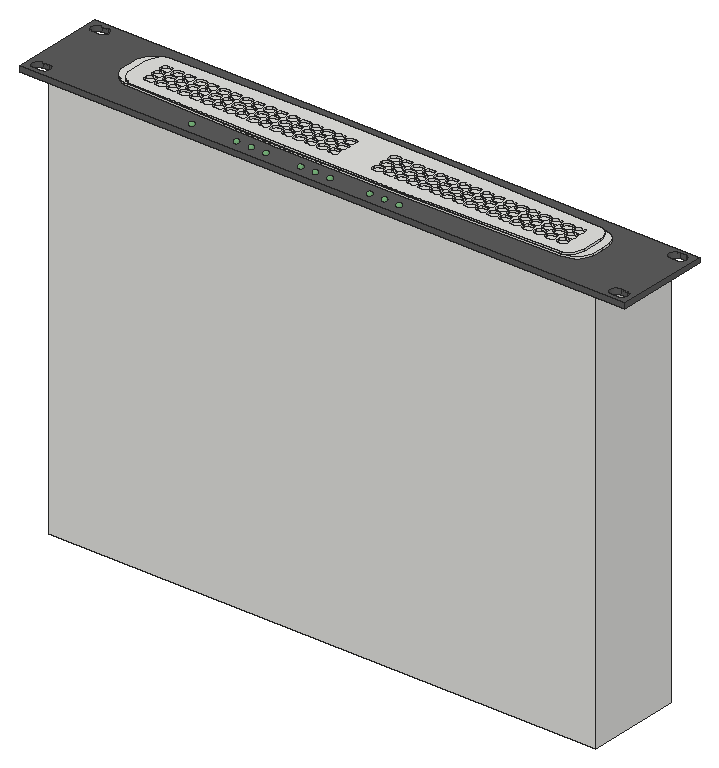
Revit family "Electronics_Amplifiers_Biamp_Vocia_VA-2060___2", category Communication Devices, host Face, Revit 2020
Family settings
  Host = Face
  Maintain Annotation Orientation = No
  Round Connector Dimension = Use Diameter
  Part Type = Normal
  OmniClass Number = 23.85.10.11.14.14.17
  OmniClass Title = Sound Amplifiers
  Cut with Voids When Loaded = Yes
  Shared = No
  Room Calculation Point = No
Parameters (values of type "VA-2060")
  Width = 19.00"  # constant formula
  Weight = 24.70 lbf  # constant formula
  Voltage = 120 V
  URL = "https://www.biamp.com/"
  Total Output Power = "2 x 60W RMS, 120W maximum"  # constant formula
  Temperature Range = "23 - 104° F (-5 - 40° C)"  # constant formula
  THD+N = "50Hz-100Hz: < 0.5%; 100Hz-10kHz: < 0.3%"  # constant formula
  Signal to Noise Ratio = "> 88 dB, unweighted"  # constant formula
  Product data url = "https://www.bimobject.com/biamp/product/vocia-va-2060_amplifier"
  Product Page URL = "https://www.biamp.com/products/product-families/vocia/vocia-amplifiers#vocia-va-2060"
  Product Documentation Link = "https://downloads.biamp.com/assets/docs/default-source/data-sheets/biamp_data_sheet_vocia_va-2060_oct18.pdf"
  Power Factor = 1
  Number of Poles = 1
  Network Connection = "RJ-45 with shielded Ethernet (CAT5, CAT5e, CAT6 or CAT7"  # constant formula
  Model = "Vocia VA-2060"  # constant formula
  Memory = "5.625 MB"  # constant formula
  Max Power Consumption = 60 W
  Manufacturer = "Biamp"  # constant formula
  Inputs = "20 bits, 48 kHz, 5-1/3 ms (fixed)"  # constant formula
  Humidity = "0-95% relative humidity (non-condensing)"  # constant formula
  Housing Material = Biamp - Metal - Silver
  Height = 3.25"  # constant formula
  Frequency Response = "± 2dB"  # constant formula
  Description = "Vocia® VA-2060 Amplifier"  # constant formula
  Depth = 14.19922"  # constant formula
  Default Elevation = 48.00"
  Connector Description = "100-240VAC; 50/60Hz"  # constant formula
  Compliance = "EN 54-16 certified FCC Part 15B (USA) CE marked (Europe) RCM (Australia) EAC (Eurasian Customs Union) RoHS. Directive (Europe) RINA (Italy) EN 60849, AS 60849 verified"  # constant formula
  Case = yes
  Assembly Code = ""
  Apparent Load = Max Power Consumption / Power Factor  # 60 VA
  Altitude = "0-10,000 ft (0-3000m) MSL"  # constant formula
Reference planes (in)
  plane 1 "Center (Front/Back)": y = 0
  plane 2: z = 0
  plane 3 "Center (Left/Right)": x = 0
  plane 4: y = 1.625
  plane 5: y = -1.625
  plane 6: x = 20.06192
  plane 7: y = 1.28165
  plane 8: y = -1.28041
Dimensions and locks (in)
  equal spacing: plane 5, plane 1 "Center (Front/Back)", plane 4
  "Height": plane 5 to plane 4
  aligned and locked: plane 2 to host face
  aligned and locked: level to host face
Automatic sketch dimensions
  host sketch curve to host sketch curve = 96.00"  (x2)
Nested families (in)
  nested 1: "VA-2060" at (10.03141, -1.625, -6.93265) x (1, 0, 0) z (0, 1, 0), type "VA-2060"
Connectors (in)
  electrical at (17.57593, 0.29866, -13.7612), driven by "Number of Poles", driven by "Voltage", driven by "Apparent Load", driven by "Power Factor", driven by "Connector Description"
    settings: on nested 1, index 1, voltage 120 V, apparent load 0 VA, apparent load phase1 60 VA, apparent load phase2 0 VA, apparent load phase3 0 VA, power factor 1, load classification "Other", number of poles 1, system type 31, power factor state 1, is connector primary yes, connector utility no, sub classification motor no, connector description "100-240VAC; 50/60Hz"
  electrical at (13.83873, -0.98373, -13.7612)
    settings: on nested 1, index 2, voltage 0 V, apparent load 0 VA, apparent load phase1 0 VA, apparent load phase2 0 VA, apparent load phase3 0 VA, power factor 1, load classification "Other", number of poles 1, system type 5, power factor state 1, is connector primary no, connector utility no, sub classification motor no, connector description "CobraNet; RJ-45"
  electrical at (13.05748, -0.98373, -13.7612)
    settings: on nested 1, index 3, voltage 0 V, apparent load 0 VA, apparent load phase1 0 VA, apparent load phase2 0 VA, apparent load phase3 0 VA, power factor 1, load classification "Other", number of poles 1, system type 5, power factor state 1, is connector primary no, connector utility no, sub classification motor no, connector description "RJ-45; Secondary"
  electrical at (9.79695, -1.08764, -13.7612)
    settings: on nested 1, index 4, voltage 0 V, apparent load 0 VA, apparent load phase1 0 VA, apparent load phase2 0 VA, apparent load phase3 0 VA, power factor 1, load classification "Other", number of poles 1, system type 5, power factor state 1, is connector primary no, connector utility no, sub classification motor no, connector description "Page Active Relay 2b"
  electrical at (9.31542, -1.08764, -13.7612)
    settings: on nested 1, index 5, voltage 0 V, apparent load 0 VA, apparent load phase1 0 VA, apparent load phase2 0 VA, apparent load phase3 0 VA, power factor 1, load classification "Other", number of poles 1, system type 5, power factor state 1, is connector primary no, connector utility no, sub classification motor no, connector description "Page Active Relay 2a"
  electrical at (8.83526, -1.08764, -13.7612)
    settings: on nested 1, index 6, voltage 0 V, apparent load 0 VA, apparent load phase1 0 VA, apparent load phase2 0 VA, apparent load phase3 0 VA, power factor 1, load classification "Other", number of poles 1, system type 5, power factor state 1, is connector primary no, connector utility no, sub classification motor no, connector description "Page Active Relay 1b"
  electrical at (8.3526, -1.08764, -13.7612)
    settings: on nested 1, index 7, voltage 0 V, apparent load 0 VA, apparent load phase1 0 VA, apparent load phase2 0 VA, apparent load phase3 0 VA, power factor 1, load classification "Other", number of poles 1, system type 5, power factor state 1, is connector primary no, connector utility no, sub classification motor no, connector description "Page Active Relay 1a"
  electrical at (7.41609, -0.99844, -13.7612)
    settings: on nested 1, index 8, voltage 0 V, apparent load 0 VA, apparent load phase1 0 VA, apparent load phase2 0 VA, apparent load phase3 0 VA, power factor 1, load classification "Other", number of poles 1, system type 5, power factor state 1, is connector primary no, connector utility no, sub classification motor no, connector description "Failover"
  electrical at (2.62594, -0.80499, -13.7612)
    settings: on nested 1, index 9, voltage 0 V, apparent load 0 VA, apparent load phase1 0 VA, apparent load phase2 0 VA, apparent load phase3 0 VA, power factor 1, load classification "Other", number of poles 1, system type 5, power factor state 1, is connector primary no, connector utility no, sub classification motor no, connector description "Output 2"
  electrical at (1.32818, -0.80499, -13.7612)
    settings: on nested 1, index 10, voltage 0 V, apparent load 0 VA, apparent load phase1 0 VA, apparent load phase2 0 VA, apparent load phase3 0 VA, power factor 1, load classification "Other", number of poles 1, system type 5, power factor state 1, is connector primary no, connector utility no, sub classification motor no, connector description "Output 1"
Definition of nested family "VA-2060"
  Parameters (values of type "VA-2060")
    URL = ""
    Model = ""
    Material 2 = none
    Manufacturer = ""
    Housing Material = none
    Description = ""
    Default Elevation = 48.00"
    Case = yes
    Back Panel = no
    Assembly Code = ""
  Reference planes (in)
    plane 1 "Center (Front/Back)": y = 0
    plane 2: z = 0
    plane 3 "Center (Left/Right)": x = 0
  Forms (in)
    Extrusion 1, solid
      sketch origin (0, 0, 0) x (1, 0, 0) y (0, 1, 0)
        loop
          line (-48, 48) -> (-48, -48) -> (48, -48) -> (48, 48) -> (-48, 48)
      from 0 to -12
    Extrusion 2, solid, material <- "Housing Material", visible <- "Case"
      sketch origin (0, 0, 0) x (1, 0, 0) y (0, 1, 0)
        loop
          line (-9.5, 7.09961) -> (-9.5, -6.93265) -> (9.5, -6.93265) -> (9.5, 7.09961) -> (-9.5, 7.09961)
      from 0 to 3.25
    Extrusion 3, solid
      sketch origin (0, 0, 0) x (1, 0, 0) y (0, 1, 0)
        loop
          line (-10.5, -7.09961) -> (10.5, -7.09961) -> (10.5, -6.93265) -> (-10.5, -6.93265) -> (-10.5, -7.09961)
      from 0 to 3.25
    Extrusion 4, solid, material <- "Housing Material", detail levels medium+fine
      sketch origin (0, 0, 0) x (1, 0, 0) y (0, 0, 1)
        loop
          arc (-0.58953, 2.21061) -> (-0.62863, 2.305) -> (-0.72301, 2.34409) r 0.13348
          line (-0.72301, 2.34409) -> (-0.81412, 2.34409)
          arc (-0.81412, 2.34409) -> (-0.90851, 2.305) -> (-0.9476, 2.21061) r 0.13348
          line (-0.9476, 2.21061) -> (-0.9476, 2.16963)
          arc (-0.9476, 2.16963) -> (-0.90669, 2.07086) -> (-0.80792, 2.02994) r 0.13968
          line (-0.80792, 2.02994) -> (-0.72922, 2.02994)
          arc (-0.72922, 2.02994) -> (-0.63044, 2.07086) -> (-0.58953, 2.16963) r 0.13968
          line (-0.58953, 2.16963) -> (-0.58953, 2.21061)
        loop
          arc (-0.98953, 2.21061) -> (-1.02863, 2.305) -> (-1.12301, 2.34409) r 0.13348
          line (-1.12301, 2.34409) -> (-1.21412, 2.34409)
          arc (-1.21412, 2.34409) -> (-1.30851, 2.305) -> (-1.3476, 2.21061) r 0.13348
          line (-1.3476, 2.21061) -> (-1.3476, 2.16963)
          arc (-1.3476, 2.16963) -> (-1.30669, 2.07086) -> (-1.20792, 2.02994) r 0.13968
          line (-1.20792, 2.02994) -> (-1.12922, 2.02994)
          arc (-1.12922, 2.02994) -> (-1.03044, 2.07086) -> (-0.98953, 2.16963) r 0.13968
          line (-0.98953, 2.16963) -> (-0.98953, 2.21061)
        loop
          arc (-1.38953, 2.21061) -> (-1.42863, 2.305) -> (-1.52301, 2.34409) r 0.13348
          line (-1.52301, 2.34409) -> (-1.61412, 2.34409)
          arc (-1.61412, 2.34409) -> (-1.70851, 2.305) -> (-1.7476, 2.21061) r 0.13348
          line (-1.7476, 2.21061) -> (-1.7476, 2.16963)
          arc (-1.7476, 2.16963) -> (-1.70669, 2.07086) -> (-1.60792, 2.02994) r 0.13968
          line (-1.60792, 2.02994) -> (-1.52922, 2.02994)
          arc (-1.52922, 2.02994) -> (-1.43044, 2.07086) -> (-1.38953, 2.16963) r 0.13968
          line (-1.38953, 2.16963) -> (-1.38953, 2.21061)
        loop
          arc (-1.78953, 2.21061) -> (-1.82863, 2.305) -> (-1.92301, 2.34409) r 0.13348
          line (-1.92301, 2.34409) -> (-2.01412, 2.34409)
          arc (-2.01412, 2.34409) -> (-2.10851, 2.305) -> (-2.1476, 2.21061) r 0.13348
          line (-2.1476, 2.21061) -> (-2.1476, 2.16963)
          arc (-2.1476, 2.16963) -> (-2.10669, 2.07086) -> (-2.00792, 2.02994) r 0.13968
          line (-2.00792, 2.02994) -> (-1.92922, 2.02994)
          arc (-1.92922, 2.02994) -> (-1.83044, 2.07086) -> (-1.78953, 2.16963) r 0.13968
          line (-1.78953, 2.16963) -> (-1.78953, 2.21061)
        loop
          arc (-2.18953, 2.21061) -> (-2.22863, 2.305) -> (-2.32301, 2.34409) r 0.13348
          line (-2.32301, 2.34409) -> (-2.41412, 2.34409)
          arc (-2.41412, 2.34409) -> (-2.50851, 2.305) -> (-2.5476, 2.21061) r 0.13348
          line (-2.5476, 2.21061) -> (-2.5476, 2.16963)
          arc (-2.5476, 2.16963) -> (-2.50669, 2.07086) -> (-2.40792, 2.02994) r 0.13968
          line (-2.40792, 2.02994) -> (-2.32922, 2.02994)
          arc (-2.32922, 2.02994) -> (-2.23044, 2.07086) -> (-2.18953, 2.16963) r 0.13968
          line (-2.18953, 2.16963) -> (-2.18953, 2.21061)
        loop
          arc (-2.58953, 2.21061) -> (-2.62863, 2.305) -> (-2.72301, 2.34409) r 0.13348
          line (-2.72301, 2.34409) -> (-2.81412, 2.34409)
          arc (-2.81412, 2.34409) -> (-2.90851, 2.305) -> (-2.9476, 2.21061) r 0.13348
          line (-2.9476, 2.21061) -> (-2.9476, 2.16963)
          arc (-2.9476, 2.16963) -> (-2.90669, 2.07086) -> (-2.80792, 2.02994) r 0.13968
          line (-2.80792, 2.02994) -> (-2.72922, 2.02994)
          arc (-2.72922, 2.02994) -> (-2.63044, 2.07086) -> (-2.58953, 2.16963) r 0.13968
          line (-2.58953, 2.16963) -> (-2.58953, 2.21061)
        loop
          arc (-2.98953, 2.21061) -> (-3.02863, 2.305) -> (-3.12301, 2.34409) r 0.13348
          line (-3.12301, 2.34409) -> (-3.21412, 2.34409)
          arc (-3.21412, 2.34409) -> (-3.30851, 2.305) -> (-3.3476, 2.21061) r 0.13348
          line (-3.3476, 2.21061) -> (-3.3476, 2.16963)
          arc (-3.3476, 2.16963) -> (-3.30669, 2.07086) -> (-3.20792, 2.02994) r 0.13968
          line (-3.20792, 2.02994) -> (-3.12922, 2.02994)
          arc (-3.12922, 2.02994) -> (-3.03044, 2.07086) -> (-2.98953, 2.16963) r 0.13968
          line (-2.98953, 2.16963) -> (-2.98953, 2.21061)
        loop
          arc (-3.38953, 2.21061) -> (-3.42863, 2.305) -> (-3.52301, 2.34409) r 0.13348
          line (-3.52301, 2.34409) -> (-3.61412, 2.34409)
          arc (-3.61412, 2.34409) -> (-3.70851, 2.305) -> (-3.7476, 2.21061) r 0.13348
          line (-3.7476, 2.21061) -> (-3.7476, 2.16963)
          arc (-3.7476, 2.16963) -> (-3.70669, 2.07086) -> (-3.60792, 2.02994) r 0.13968
          line (-3.60792, 2.02994) -> (-3.52922, 2.02994)
          arc (-3.52922, 2.02994) -> (-3.43044, 2.07086) -> (-3.38953, 2.16963) r 0.13968
          line (-3.38953, 2.16963) -> (-3.38953, 2.21061)
        loop
          arc (-3.78953, 2.21061) -> (-3.82863, 2.305) -> (-3.92301, 2.34409) r 0.13348
          line (-3.92301, 2.34409) -> (-4.01412, 2.34409)
          arc (-4.01412, 2.34409) -> (-4.10851, 2.305) -> (-4.1476, 2.21061) r 0.13348
          line (-4.1476, 2.21061) -> (-4.1476, 2.16963)
          arc (-4.1476, 2.16963) -> (-4.10669, 2.07086) -> (-4.00792, 2.02994) r 0.13968
          line (-4.00792, 2.02994) -> (-3.92922, 2.02994)
          arc (-3.92922, 2.02994) -> (-3.83044, 2.07086) -> (-3.78953, 2.16963) r 0.13968
          line (-3.78953, 2.16963) -> (-3.78953, 2.21061)
        loop
          arc (-4.18953, 2.21061) -> (-4.22863, 2.305) -> (-4.32301, 2.34409) r 0.13348
          line (-4.32301, 2.34409) -> (-4.41412, 2.34409)
          arc (-4.41412, 2.34409) -> (-4.50851, 2.305) -> (-4.5476, 2.21061) r 0.13348
          line (-4.5476, 2.21061) -> (-4.5476, 2.16963)
          arc (-4.5476, 2.16963) -> (-4.50669, 2.07086) -> (-4.40792, 2.02994) r 0.13968
          line (-4.40792, 2.02994) -> (-4.32922, 2.02994)
          arc (-4.32922, 2.02994) -> (-4.23044, 2.07086) -> (-4.18953, 2.16963) r 0.13968
          line (-4.18953, 2.16963) -> (-4.18953, 2.21061)
        loop
          arc (-4.58953, 2.21061) -> (-4.62863, 2.305) -> (-4.72301, 2.34409) r 0.13348
          line (-4.72301, 2.34409) -> (-4.81412, 2.34409)
          arc (-4.81412, 2.34409) -> (-4.90851, 2.305) -> (-4.9476, 2.21061) r 0.13348
          line (-4.9476, 2.21061) -> (-4.9476, 2.16963)
          arc (-4.9476, 2.16963) -> (-4.90669, 2.07086) -> (-4.80792, 2.02994) r 0.13968
          line (-4.80792, 2.02994) -> (-4.72922, 2.02994)
          arc (-4.72922, 2.02994) -> (-4.63044, 2.07086) -> (-4.58953, 2.16963) r 0.13968
          line (-4.58953, 2.16963) -> (-4.58953, 2.21061)
        loop
          arc (-4.98953, 2.21061) -> (-5.02863, 2.305) -> (-5.12301, 2.34409) r 0.13348
          line (-5.12301, 2.34409) -> (-5.21412, 2.34409)
          arc (-5.21412, 2.34409) -> (-5.30851, 2.305) -> (-5.3476, 2.21061) r 0.13348
          line (-5.3476, 2.21061) -> (-5.3476, 2.16963)
          arc (-5.3476, 2.16963) -> (-5.30669, 2.07086) -> (-5.20792, 2.02994) r 0.13968
          line (-5.20792, 2.02994) -> (-5.12922, 2.02994)
          arc (-5.12922, 2.02994) -> (-5.03044, 2.07086) -> (-4.98953, 2.16963) r 0.13968
          line (-4.98953, 2.16963) -> (-4.98953, 2.21061)
        loop
          arc (-5.38953, 2.21061) -> (-5.42863, 2.305) -> (-5.52301, 2.34409) r 0.13348
          line (-5.52301, 2.34409) -> (-5.61412, 2.34409)
          arc (-5.61412, 2.34409) -> (-5.70851, 2.305) -> (-5.7476, 2.21061) r 0.13348
          line (-5.7476, 2.21061) -> (-5.7476, 2.16963)
          arc (-5.7476, 2.16963) -> (-5.70669, 2.07086) -> (-5.60792, 2.02994) r 0.13968
          line (-5.60792, 2.02994) -> (-5.52922, 2.02994)
          arc (-5.52922, 2.02994) -> (-5.43044, 2.07086) -> (-5.38953, 2.16963) r 0.13968
          line (-5.38953, 2.16963) -> (-5.38953, 2.21061)
        loop
          arc (-5.78953, 2.21061) -> (-5.82863, 2.305) -> (-5.92301, 2.34409) r 0.13348
          line (-5.92301, 2.34409) -> (-6.01412, 2.34409)
          arc (-6.01412, 2.34409) -> (-6.10851, 2.305) -> (-6.1476, 2.21061) r 0.13348
          line (-6.1476, 2.21061) -> (-6.1476, 2.16963)
          arc (-6.1476, 2.16963) -> (-6.10669, 2.07086) -> (-6.00792, 2.02994) r 0.13968
          line (-6.00792, 2.02994) -> (-5.92922, 2.02994)
          arc (-5.92922, 2.02994) -> (-5.83044, 2.07086) -> (-5.78953, 2.16963) r 0.13968
          line (-5.78953, 2.16963) -> (-5.78953, 2.21061)
        loop
          arc (-6.18953, 2.21061) -> (-6.22863, 2.305) -> (-6.32301, 2.34409) r 0.13348
          line (-6.32301, 2.34409) -> (-6.41412, 2.34409)
          arc (-6.41412, 2.34409) -> (-6.50851, 2.305) -> (-6.5476, 2.21061) r 0.13348
          line (-6.5476, 2.21061) -> (-6.5476, 2.16963)
          arc (-6.5476, 2.16963) -> (-6.50669, 2.07086) -> (-6.40792, 2.02994) r 0.13968
          line (-6.40792, 2.02994) -> (-6.32922, 2.02994)
          arc (-6.32922, 2.02994) -> (-6.23044, 2.07086) -> (-6.18953, 2.16963) r 0.13968
          line (-6.18953, 2.16963) -> (-6.18953, 2.21061)
        loop
          arc (-6.58953, 2.21061) -> (-6.62863, 2.305) -> (-6.72301, 2.34409) r 0.13348
          line (-6.72301, 2.34409) -> (-6.81412, 2.34409)
          arc (-6.81412, 2.34409) -> (-6.90851, 2.305) -> (-6.9476, 2.21061) r 0.13348
          line (-6.9476, 2.21061) -> (-6.9476, 2.16963)
          arc (-6.9476, 2.16963) -> (-6.90669, 2.07086) -> (-6.80792, 2.02994) r 0.13968
          line (-6.80792, 2.02994) -> (-6.72922, 2.02994)
          arc (-6.72922, 2.02994) -> (-6.63044, 2.07086) -> (-6.58953, 2.16963) r 0.13968
          line (-6.58953, 2.16963) -> (-6.58953, 2.21061)
        loop
          arc (-6.98953, 2.21061) -> (-7.02863, 2.305) -> (-7.12301, 2.34409) r 0.13348
          line (-7.12301, 2.34409) -> (-7.21412, 2.34409)
          arc (-7.21412, 2.34409) -> (-7.30851, 2.305) -> (-7.3476, 2.21061) r 0.13348
          line (-7.3476, 2.21061) -> (-7.3476, 2.16963)
          arc (-7.3476, 2.16963) -> (-7.30669, 2.07086) -> (-7.20792, 2.02994) r 0.13968
          line (-7.20792, 2.02994) -> (-7.12922, 2.02994)
          arc (-7.12922, 2.02994) -> (-7.03044, 2.07086) -> (-6.98953, 2.16963) r 0.13968
          line (-6.98953, 2.16963) -> (-6.98953, 2.21061)
        loop
          arc (-0.58953, 1.86061) -> (-0.62863, 1.955) -> (-0.72301, 1.99409) r 0.13348
          line (-0.72301, 1.99409) -> (-0.81412, 1.99409)
          arc (-0.81412, 1.99409) -> (-0.90851, 1.955) -> (-0.9476, 1.86061) r 0.13348
          line (-0.9476, 1.86061) -> (-0.9476, 1.81963)
          arc (-0.9476, 1.81963) -> (-0.90669, 1.72086) -> (-0.80792, 1.67994) r 0.13968
          line (-0.80792, 1.67994) -> (-0.72922, 1.67994)
          arc (-0.72922, 1.67994) -> (-0.63044, 1.72086) -> (-0.58953, 1.81963) r 0.13968
          line (-0.58953, 1.81963) -> (-0.58953, 1.86061)
        loop
          arc (-0.98953, 1.86061) -> (-1.02863, 1.955) -> (-1.12301, 1.99409) r 0.13348
          line (-1.12301, 1.99409) -> (-1.21412, 1.99409)
          arc (-1.21412, 1.99409) -> (-1.30851, 1.955) -> (-1.3476, 1.86061) r 0.13348
          line (-1.3476, 1.86061) -> (-1.3476, 1.81963)
          arc (-1.3476, 1.81963) -> (-1.30669, 1.72086) -> (-1.20792, 1.67994) r 0.13968
          line (-1.20792, 1.67994) -> (-1.12922, 1.67994)
          arc (-1.12922, 1.67994) -> (-1.03044, 1.72086) -> (-0.98953, 1.81963) r 0.13968
          line (-0.98953, 1.81963) -> (-0.98953, 1.86061)
        loop
          arc (-1.38953, 1.86061) -> (-1.42863, 1.955) -> (-1.52301, 1.99409) r 0.13348
          line (-1.52301, 1.99409) -> (-1.61412, 1.99409)
          arc (-1.61412, 1.99409) -> (-1.70851, 1.955) -> (-1.7476, 1.86061) r 0.13348
          line (-1.7476, 1.86061) -> (-1.7476, 1.81963)
          arc (-1.7476, 1.81963) -> (-1.70669, 1.72086) -> (-1.60792, 1.67994) r 0.13968
          line (-1.60792, 1.67994) -> (-1.52922, 1.67994)
          arc (-1.52922, 1.67994) -> (-1.43044, 1.72086) -> (-1.38953, 1.81963) r 0.13968
          line (-1.38953, 1.81963) -> (-1.38953, 1.86061)
        loop
          arc (-1.78953, 1.86061) -> (-1.82863, 1.955) -> (-1.92301, 1.99409) r 0.13348
          line (-1.92301, 1.99409) -> (-2.01412, 1.99409)
          arc (-2.01412, 1.99409) -> (-2.10851, 1.955) -> (-2.1476, 1.86061) r 0.13348
          line (-2.1476, 1.86061) -> (-2.1476, 1.81963)
          arc (-2.1476, 1.81963) -> (-2.10669, 1.72086) -> (-2.00792, 1.67994) r 0.13968
          line (-2.00792, 1.67994) -> (-1.92922, 1.67994)
          arc (-1.92922, 1.67994) -> (-1.83044, 1.72086) -> (-1.78953, 1.81963) r 0.13968
          line (-1.78953, 1.81963) -> (-1.78953, 1.86061)
        loop
          arc (-2.18953, 1.86061) -> (-2.22863, 1.955) -> (-2.32301, 1.99409) r 0.13348
          line (-2.32301, 1.99409) -> (-2.41412, 1.99409)
          arc (-2.41412, 1.99409) -> (-2.50851, 1.955) -> (-2.5476, 1.86061) r 0.13348
          line (-2.5476, 1.86061) -> (-2.5476, 1.81963)
          arc (-2.5476, 1.81963) -> (-2.50669, 1.72086) -> (-2.40792, 1.67994) r 0.13968
          line (-2.40792, 1.67994) -> (-2.32922, 1.67994)
          arc (-2.32922, 1.67994) -> (-2.23044, 1.72086) -> (-2.18953, 1.81963) r 0.13968
          line (-2.18953, 1.81963) -> (-2.18953, 1.86061)
        loop
          arc (-2.58953, 1.86061) -> (-2.62863, 1.955) -> (-2.72301, 1.99409) r 0.13348
          line (-2.72301, 1.99409) -> (-2.81412, 1.99409)
          arc (-2.81412, 1.99409) -> (-2.90851, 1.955) -> (-2.9476, 1.86061) r 0.13348
          line (-2.9476, 1.86061) -> (-2.9476, 1.81963)
          arc (-2.9476, 1.81963) -> (-2.90669, 1.72086) -> (-2.80792, 1.67994) r 0.13968
          line (-2.80792, 1.67994) -> (-2.72922, 1.67994)
          arc (-2.72922, 1.67994) -> (-2.63044, 1.72086) -> (-2.58953, 1.81963) r 0.13968
          line (-2.58953, 1.81963) -> (-2.58953, 1.86061)
        loop
          arc (-2.98953, 1.86061) -> (-3.02863, 1.955) -> (-3.12301, 1.99409) r 0.13348
          line (-3.12301, 1.99409) -> (-3.21412, 1.99409)
          arc (-3.21412, 1.99409) -> (-3.30851, 1.955) -> (-3.3476, 1.86061) r 0.13348
          line (-3.3476, 1.86061) -> (-3.3476, 1.81963)
          arc (-3.3476, 1.81963) -> (-3.30669, 1.72086) -> (-3.20792, 1.67994) r 0.13968
          line (-3.20792, 1.67994) -> (-3.12922, 1.67994)
          arc (-3.12922, 1.67994) -> (-3.03044, 1.72086) -> (-2.98953, 1.81963) r 0.13968
          line (-2.98953, 1.81963) -> (-2.98953, 1.86061)
        loop
          arc (-3.38953, 1.86061) -> (-3.42863, 1.955) -> (-3.52301, 1.99409) r 0.13348
          line (-3.52301, 1.99409) -> (-3.61412, 1.99409)
          arc (-3.61412, 1.99409) -> (-3.70851, 1.955) -> (-3.7476, 1.86061) r 0.13348
          line (-3.7476, 1.86061) -> (-3.7476, 1.81963)
          arc (-3.7476, 1.81963) -> (-3.70669, 1.72086) -> (-3.60792, 1.67994) r 0.13968
          line (-3.60792, 1.67994) -> (-3.52922, 1.67994)
          arc (-3.52922, 1.67994) -> (-3.43044, 1.72086) -> (-3.38953, 1.81963) r 0.13968
          line (-3.38953, 1.81963) -> (-3.38953, 1.86061)
        loop
          arc (-3.78953, 1.86061) -> (-3.82863, 1.955) -> (-3.92301, 1.99409) r 0.13348
          line (-3.92301, 1.99409) -> (-4.01412, 1.99409)
          arc (-4.01412, 1.99409) -> (-4.10851, 1.955) -> (-4.1476, 1.86061) r 0.13348
          line (-4.1476, 1.86061) -> (-4.1476, 1.81963)
          arc (-4.1476, 1.81963) -> (-4.10669, 1.72086) -> (-4.00792, 1.67994) r 0.13968
          line (-4.00792, 1.67994) -> (-3.92922, 1.67994)
          arc (-3.92922, 1.67994) -> (-3.83044, 1.72086) -> (-3.78953, 1.81963) r 0.13968
          line (-3.78953, 1.81963) -> (-3.78953, 1.86061)
        loop
          arc (-4.18953, 1.86061) -> (-4.22863, 1.955) -> (-4.32301, 1.99409) r 0.13348
          line (-4.32301, 1.99409) -> (-4.41412, 1.99409)
          arc (-4.41412, 1.99409) -> (-4.50851, 1.955) -> (-4.5476, 1.86061) r 0.13348
          line (-4.5476, 1.86061) -> (-4.5476, 1.81963)
          arc (-4.5476, 1.81963) -> (-4.50669, 1.72086) -> (-4.40792, 1.67994) r 0.13968
          line (-4.40792, 1.67994) -> (-4.32922, 1.67994)
          arc (-4.32922, 1.67994) -> (-4.23044, 1.72086) -> (-4.18953, 1.81963) r 0.13968
          line (-4.18953, 1.81963) -> (-4.18953, 1.86061)
        loop
          arc (-4.58953, 1.86061) -> (-4.62863, 1.955) -> (-4.72301, 1.99409) r 0.13348
          line (-4.72301, 1.99409) -> (-4.81412, 1.99409)
          arc (-4.81412, 1.99409) -> (-4.90851, 1.955) -> (-4.9476, 1.86061) r 0.13348
          line (-4.9476, 1.86061) -> (-4.9476, 1.81963)
          arc (-4.9476, 1.81963) -> (-4.90669, 1.72086) -> (-4.80792, 1.67994) r 0.13968
          line (-4.80792, 1.67994) -> (-4.72922, 1.67994)
          arc (-4.72922, 1.67994) -> (-4.63044, 1.72086) -> (-4.58953, 1.81963) r 0.13968
          line (-4.58953, 1.81963) -> (-4.58953, 1.86061)
        loop
          arc (-4.98953, 1.86061) -> (-5.02863, 1.955) -> (-5.12301, 1.99409) r 0.13348
          line (-5.12301, 1.99409) -> (-5.21412, 1.99409)
          arc (-5.21412, 1.99409) -> (-5.30851, 1.955) -> (-5.3476, 1.86061) r 0.13348
          line (-5.3476, 1.86061) -> (-5.3476, 1.81963)
          arc (-5.3476, 1.81963) -> (-5.30669, 1.72086) -> (-5.20792, 1.67994) r 0.13968
          line (-5.20792, 1.67994) -> (-5.12922, 1.67994)
          arc (-5.12922, 1.67994) -> (-5.03044, 1.72086) -> (-4.98953, 1.81963) r 0.13968
          line (-4.98953, 1.81963) -> (-4.98953, 1.86061)
        loop
          arc (-5.38953, 1.86061) -> (-5.42863, 1.955) -> (-5.52301, 1.99409) r 0.13348
          line (-5.52301, 1.99409) -> (-5.61412, 1.99409)
          arc (-5.61412, 1.99409) -> (-5.70851, 1.955) -> (-5.7476, 1.86061) r 0.13348
          line (-5.7476, 1.86061) -> (-5.7476, 1.81963)
          arc (-5.7476, 1.81963) -> (-5.70669, 1.72086) -> (-5.60792, 1.67994) r 0.13968
          line (-5.60792, 1.67994) -> (-5.52922, 1.67994)
          arc (-5.52922, 1.67994) -> (-5.43044, 1.72086) -> (-5.38953, 1.81963) r 0.13968
          line (-5.38953, 1.81963) -> (-5.38953, 1.86061)
        loop
          arc (-5.78953, 1.86061) -> (-5.82863, 1.955) -> (-5.92301, 1.99409) r 0.13348
          line (-5.92301, 1.99409) -> (-6.01412, 1.99409)
          arc (-6.01412, 1.99409) -> (-6.10851, 1.955) -> (-6.1476, 1.86061) r 0.13348
          line (-6.1476, 1.86061) -> (-6.1476, 1.81963)
          arc (-6.1476, 1.81963) -> (-6.10669, 1.72086) -> (-6.00792, 1.67994) r 0.13968
          line (-6.00792, 1.67994) -> (-5.92922, 1.67994)
          arc (-5.92922, 1.67994) -> (-5.83044, 1.72086) -> (-5.78953, 1.81963) r 0.13968
          line (-5.78953, 1.81963) -> (-5.78953, 1.86061)
        loop
          arc (-6.18953, 1.86061) -> (-6.22863, 1.955) -> (-6.32301, 1.99409) r 0.13348
          line (-6.32301, 1.99409) -> (-6.41412, 1.99409)
          arc (-6.41412, 1.99409) -> (-6.50851, 1.955) -> (-6.5476, 1.86061) r 0.13348
          line (-6.5476, 1.86061) -> (-6.5476, 1.81963)
          arc (-6.5476, 1.81963) -> (-6.50669, 1.72086) -> (-6.40792, 1.67994) r 0.13968
          line (-6.40792, 1.67994) -> (-6.32922, 1.67994)
          arc (-6.32922, 1.67994) -> (-6.23044, 1.72086) -> (-6.18953, 1.81963) r 0.13968
          line (-6.18953, 1.81963) -> (-6.18953, 1.86061)
        loop
          arc (-6.58953, 1.86061) -> (-6.62863, 1.955) -> (-6.72301, 1.99409) r 0.13348
          line (-6.72301, 1.99409) -> (-6.81412, 1.99409)
          arc (-6.81412, 1.99409) -> (-6.90851, 1.955) -> (-6.9476, 1.86061) r 0.13348
          line (-6.9476, 1.86061) -> (-6.9476, 1.81963)
          arc (-6.9476, 1.81963) -> (-6.90669, 1.72086) -> (-6.80792, 1.67994) r 0.13968
          line (-6.80792, 1.67994) -> (-6.72922, 1.67994)
          arc (-6.72922, 1.67994) -> (-6.63044, 1.72086) -> (-6.58953, 1.81963) r 0.13968
          line (-6.58953, 1.81963) -> (-6.58953, 1.86061)
        loop
          arc (-6.98953, 1.86061) -> (-7.02863, 1.955) -> (-7.12301, 1.99409) r 0.13348
          line (-7.12301, 1.99409) -> (-7.21412, 1.99409)
          arc (-7.21412, 1.99409) -> (-7.30851, 1.955) -> (-7.3476, 1.86061) r 0.13348
          line (-7.3476, 1.86061) -> (-7.3476, 1.81963)
          arc (-7.3476, 1.81963) -> (-7.30669, 1.72086) -> (-7.20792, 1.67994) r 0.13968
          line (-7.20792, 1.67994) -> (-7.12922, 1.67994)
          arc (-7.12922, 1.67994) -> (-7.03044, 1.72086) -> (-6.98953, 1.81963) r 0.13968
          line (-6.98953, 1.81963) -> (-6.98953, 1.86061)
        loop
          arc (-0.58953, 1.51061) -> (-0.62863, 1.605) -> (-0.72301, 1.64409) r 0.13348
          line (-0.72301, 1.64409) -> (-0.81412, 1.64409)
          arc (-0.81412, 1.64409) -> (-0.90851, 1.605) -> (-0.9476, 1.51061) r 0.13348
          line (-0.9476, 1.51061) -> (-0.9476, 1.46963)
          arc (-0.9476, 1.46963) -> (-0.90669, 1.37086) -> (-0.80792, 1.32994) r 0.13968
          line (-0.80792, 1.32994) -> (-0.72922, 1.32994)
          arc (-0.72922, 1.32994) -> (-0.63044, 1.37086) -> (-0.58953, 1.46963) r 0.13968
          line (-0.58953, 1.46963) -> (-0.58953, 1.51061)
        loop
          arc (-0.98953, 1.51061) -> (-1.02863, 1.605) -> (-1.12301, 1.64409) r 0.13348
          line (-1.12301, 1.64409) -> (-1.21412, 1.64409)
          arc (-1.21412, 1.64409) -> (-1.30851, 1.605) -> (-1.3476, 1.51061) r 0.13348
          line (-1.3476, 1.51061) -> (-1.3476, 1.46963)
          arc (-1.3476, 1.46963) -> (-1.30669, 1.37086) -> (-1.20792, 1.32994) r 0.13968
          line (-1.20792, 1.32994) -> (-1.12922, 1.32994)
          arc (-1.12922, 1.32994) -> (-1.03044, 1.37086) -> (-0.98953, 1.46963) r 0.13968
          line (-0.98953, 1.46963) -> (-0.98953, 1.51061)
        loop
          arc (-1.38953, 1.51061) -> (-1.42863, 1.605) -> (-1.52301, 1.64409) r 0.13348
          line (-1.52301, 1.64409) -> (-1.61412, 1.64409)
          arc (-1.61412, 1.64409) -> (-1.70851, 1.605) -> (-1.7476, 1.51061) r 0.13348
          line (-1.7476, 1.51061) -> (-1.7476, 1.46963)
          arc (-1.7476, 1.46963) -> (-1.70669, 1.37086) -> (-1.60792, 1.32994) r 0.13968
          line (-1.60792, 1.32994) -> (-1.52922, 1.32994)
          arc (-1.52922, 1.32994) -> (-1.43044, 1.37086) -> (-1.38953, 1.46963) r 0.13968
          line (-1.38953, 1.46963) -> (-1.38953, 1.51061)
        loop
          arc (-1.78953, 1.51061) -> (-1.82863, 1.605) -> (-1.92301, 1.64409) r 0.13348
          line (-1.92301, 1.64409) -> (-2.01412, 1.64409)
          arc (-2.01412, 1.64409) -> (-2.10851, 1.605) -> (-2.1476, 1.51061) r 0.13348
          line (-2.1476, 1.51061) -> (-2.1476, 1.46963)
          arc (-2.1476, 1.46963) -> (-2.10669, 1.37086) -> (-2.00792, 1.32994) r 0.13968
          line (-2.00792, 1.32994) -> (-1.92922, 1.32994)
          arc (-1.92922, 1.32994) -> (-1.83044, 1.37086) -> (-1.78953, 1.46963) r 0.13968
          line (-1.78953, 1.46963) -> (-1.78953, 1.51061)
        loop
          arc (-2.18953, 1.51061) -> (-2.22863, 1.605) -> (-2.32301, 1.64409) r 0.13348
          line (-2.32301, 1.64409) -> (-2.41412, 1.64409)
          arc (-2.41412, 1.64409) -> (-2.50851, 1.605) -> (-2.5476, 1.51061) r 0.13348
          line (-2.5476, 1.51061) -> (-2.5476, 1.46963)
          arc (-2.5476, 1.46963) -> (-2.50669, 1.37086) -> (-2.40792, 1.32994) r 0.13968
          line (-2.40792, 1.32994) -> (-2.32922, 1.32994)
          arc (-2.32922, 1.32994) -> (-2.23044, 1.37086) -> (-2.18953, 1.46963) r 0.13968
          line (-2.18953, 1.46963) -> (-2.18953, 1.51061)
        loop
          arc (-2.58953, 1.51061) -> (-2.62863, 1.605) -> (-2.72301, 1.64409) r 0.13348
          line (-2.72301, 1.64409) -> (-2.81412, 1.64409)
          arc (-2.81412, 1.64409) -> (-2.90851, 1.605) -> (-2.9476, 1.51061) r 0.13348
          line (-2.9476, 1.51061) -> (-2.9476, 1.46963)
          arc (-2.9476, 1.46963) -> (-2.90669, 1.37086) -> (-2.80792, 1.32994) r 0.13968
          line (-2.80792, 1.32994) -> (-2.72922, 1.32994)
          arc (-2.72922, 1.32994) -> (-2.63044, 1.37086) -> (-2.58953, 1.46963) r 0.13968
          line (-2.58953, 1.46963) -> (-2.58953, 1.51061)
        loop
          arc (-2.98953, 1.51061) -> (-3.02863, 1.605) -> (-3.12301, 1.64409) r 0.13348
          line (-3.12301, 1.64409) -> (-3.21412, 1.64409)
          arc (-3.21412, 1.64409) -> (-3.30851, 1.605) -> (-3.3476, 1.51061) r 0.13348
          line (-3.3476, 1.51061) -> (-3.3476, 1.46963)
          arc (-3.3476, 1.46963) -> (-3.30669, 1.37086) -> (-3.20792, 1.32994) r 0.13968
          line (-3.20792, 1.32994) -> (-3.12922, 1.32994)
          arc (-3.12922, 1.32994) -> (-3.03044, 1.37086) -> (-2.98953, 1.46963) r 0.13968
          line (-2.98953, 1.46963) -> (-2.98953, 1.51061)
        loop
          arc (-3.38953, 1.51061) -> (-3.42863, 1.605) -> (-3.52301, 1.64409) r 0.13348
          line (-3.52301, 1.64409) -> (-3.61412, 1.64409)
          arc (-3.61412, 1.64409) -> (-3.70851, 1.605) -> (-3.7476, 1.51061) r 0.13348
          line (-3.7476, 1.51061) -> (-3.7476, 1.46963)
          arc (-3.7476, 1.46963) -> (-3.70669, 1.37086) -> (-3.60792, 1.32994) r 0.13968
          line (-3.60792, 1.32994) -> (-3.52922, 1.32994)
          arc (-3.52922, 1.32994) -> (-3.43044, 1.37086) -> (-3.38953, 1.46963) r 0.13968
          line (-3.38953, 1.46963) -> (-3.38953, 1.51061)
        loop
          arc (-3.78953, 1.51061) -> (-3.82863, 1.605) -> (-3.92301, 1.64409) r 0.13348
          line (-3.92301, 1.64409) -> (-4.01412, 1.64409)
          arc (-4.01412, 1.64409) -> (-4.10851, 1.605) -> (-4.1476, 1.51061) r 0.13348
          line (-4.1476, 1.51061) -> (-4.1476, 1.46963)
          arc (-4.1476, 1.46963) -> (-4.10669, 1.37086) -> (-4.00792, 1.32994) r 0.13968
          line (-4.00792, 1.32994) -> (-3.92922, 1.32994)
          arc (-3.92922, 1.32994) -> (-3.83044, 1.37086) -> (-3.78953, 1.46963) r 0.13968
          line (-3.78953, 1.46963) -> (-3.78953, 1.51061)
        loop
          arc (-4.18953, 1.51061) -> (-4.22863, 1.605) -> (-4.32301, 1.64409) r 0.13348
          line (-4.32301, 1.64409) -> (-4.41412, 1.64409)
          arc (-4.41412, 1.64409) -> (-4.50851, 1.605) -> (-4.5476, 1.51061) r 0.13348
          line (-4.5476, 1.51061) -> (-4.5476, 1.46963)
          arc (-4.5476, 1.46963) -> (-4.50669, 1.37086) -> (-4.40792, 1.32994) r 0.13968
          line (-4.40792, 1.32994) -> (-4.32922, 1.32994)
          arc (-4.32922, 1.32994) -> (-4.23044, 1.37086) -> (-4.18953, 1.46963) r 0.13968
          line (-4.18953, 1.46963) -> (-4.18953, 1.51061)
        loop
          arc (-4.58953, 1.51061) -> (-4.62863, 1.605) -> (-4.72301, 1.64409) r 0.13348
          line (-4.72301, 1.64409) -> (-4.81412, 1.64409)
          arc (-4.81412, 1.64409) -> (-4.90851, 1.605) -> (-4.9476, 1.51061) r 0.13348
          line (-4.9476, 1.51061) -> (-4.9476, 1.46963)
          arc (-4.9476, 1.46963) -> (-4.90669, 1.37086) -> (-4.80792, 1.32994) r 0.13968
          line (-4.80792, 1.32994) -> (-4.72922, 1.32994)
          arc (-4.72922, 1.32994) -> (-4.63044, 1.37086) -> (-4.58953, 1.46963) r 0.13968
          line (-4.58953, 1.46963) -> (-4.58953, 1.51061)
        loop
          arc (-4.98953, 1.51061) -> (-5.02863, 1.605) -> (-5.12301, 1.64409) r 0.13348
          line (-5.12301, 1.64409) -> (-5.21412, 1.64409)
          arc (-5.21412, 1.64409) -> (-5.30851, 1.605) -> (-5.3476, 1.51061) r 0.13348
          line (-5.3476, 1.51061) -> (-5.3476, 1.46963)
          arc (-5.3476, 1.46963) -> (-5.30669, 1.37086) -> (-5.20792, 1.32994) r 0.13968
          line (-5.20792, 1.32994) -> (-5.12922, 1.32994)
          arc (-5.12922, 1.32994) -> (-5.03044, 1.37086) -> (-4.98953, 1.46963) r 0.13968
          line (-4.98953, 1.46963) -> (-4.98953, 1.51061)
        loop
          arc (-5.38953, 1.51061) -> (-5.42863, 1.605) -> (-5.52301, 1.64409) r 0.13348
          line (-5.52301, 1.64409) -> (-5.61412, 1.64409)
          arc (-5.61412, 1.64409) -> (-5.70851, 1.605) -> (-5.7476, 1.51061) r 0.13348
          line (-5.7476, 1.51061) -> (-5.7476, 1.46963)
          arc (-5.7476, 1.46963) -> (-5.70669, 1.37086) -> (-5.60792, 1.32994) r 0.13968
          line (-5.60792, 1.32994) -> (-5.52922, 1.32994)
          arc (-5.52922, 1.32994) -> (-5.43044, 1.37086) -> (-5.38953, 1.46963) r 0.13968
          line (-5.38953, 1.46963) -> (-5.38953, 1.51061)
        loop
          arc (-5.78953, 1.51061) -> (-5.82863, 1.605) -> (-5.92301, 1.64409) r 0.13348
          line (-5.92301, 1.64409) -> (-6.01412, 1.64409)
          arc (-6.01412, 1.64409) -> (-6.10851, 1.605) -> (-6.1476, 1.51061) r 0.13348
          line (-6.1476, 1.51061) -> (-6.1476, 1.46963)
          arc (-6.1476, 1.46963) -> (-6.10669, 1.37086) -> (-6.00792, 1.32994) r 0.13968
          line (-6.00792, 1.32994) -> (-5.92922, 1.32994)
          arc (-5.92922, 1.32994) -> (-5.83044, 1.37086) -> (-5.78953, 1.46963) r 0.13968
          line (-5.78953, 1.46963) -> (-5.78953, 1.51061)
        loop
          arc (-6.18953, 1.51061) -> (-6.22863, 1.605) -> (-6.32301, 1.64409) r 0.13348
          line (-6.32301, 1.64409) -> (-6.41412, 1.64409)
          arc (-6.41412, 1.64409) -> (-6.50851, 1.605) -> (-6.5476, 1.51061) r 0.13348
          line (-6.5476, 1.51061) -> (-6.5476, 1.46963)
          arc (-6.5476, 1.46963) -> (-6.50669, 1.37086) -> (-6.40792, 1.32994) r 0.13968
          line (-6.40792, 1.32994) -> (-6.32922, 1.32994)
          arc (-6.32922, 1.32994) -> (-6.23044, 1.37086) -> (-6.18953, 1.46963) r 0.13968
          line (-6.18953, 1.46963) -> (-6.18953, 1.51061)
        loop
          arc (-6.58953, 1.51061) -> (-6.62863, 1.605) -> (-6.72301, 1.64409) r 0.13348
          line (-6.72301, 1.64409) -> (-6.81412, 1.64409)
          arc (-6.81412, 1.64409) -> (-6.90851, 1.605) -> (-6.9476, 1.51061) r 0.13348
          line (-6.9476, 1.51061) -> (-6.9476, 1.46963)
          arc (-6.9476, 1.46963) -> (-6.90669, 1.37086) -> (-6.80792, 1.32994) r 0.13968
          line (-6.80792, 1.32994) -> (-6.72922, 1.32994)
          arc (-6.72922, 1.32994) -> (-6.63044, 1.37086) -> (-6.58953, 1.46963) r 0.13968
          line (-6.58953, 1.46963) -> (-6.58953, 1.51061)
        loop
          arc (-6.98953, 1.51061) -> (-7.02863, 1.605) -> (-7.12301, 1.64409) r 0.13348
          line (-7.12301, 1.64409) -> (-7.21412, 1.64409)
          arc (-7.21412, 1.64409) -> (-7.30851, 1.605) -> (-7.3476, 1.51061) r 0.13348
          line (-7.3476, 1.51061) -> (-7.3476, 1.46963)
          arc (-7.3476, 1.46963) -> (-7.30669, 1.37086) -> (-7.20792, 1.32994) r 0.13968
          line (-7.20792, 1.32994) -> (-7.12922, 1.32994)
          arc (-7.12922, 1.32994) -> (-7.03044, 1.37086) -> (-6.98953, 1.46963) r 0.13968
          line (-6.98953, 1.46963) -> (-6.98953, 1.51061)
        loop
          line (0.58953, 2.21061) -> (0.58953, 2.16963)
          arc (0.58953, 2.16963) -> (0.63044, 2.07086) -> (0.72922, 2.02994) r 0.13968
          line (0.72922, 2.02994) -> (0.80792, 2.02994)
          arc (0.80792, 2.02994) -> (0.90669, 2.07086) -> (0.9476, 2.16963) r 0.13968
          line (0.9476, 2.16963) -> (0.9476, 2.21061)
          arc (0.9476, 2.21061) -> (0.90851, 2.305) -> (0.81412, 2.34409) r 0.13348
          line (0.81412, 2.34409) -> (0.72301, 2.34409)
          arc (0.72301, 2.34409) -> (0.62863, 2.305) -> (0.58953, 2.21061) r 0.13348
        loop
          line (0.98953, 2.21061) -> (0.98953, 2.16963)
          arc (0.98953, 2.16963) -> (1.03044, 2.07086) -> (1.12922, 2.02994) r 0.13968
          line (1.12922, 2.02994) -> (1.20792, 2.02994)
          arc (1.20792, 2.02994) -> (1.30669, 2.07086) -> (1.3476, 2.16963) r 0.13968
          line (1.3476, 2.16963) -> (1.3476, 2.21061)
          arc (1.3476, 2.21061) -> (1.30851, 2.305) -> (1.21412, 2.34409) r 0.13348
          line (1.21412, 2.34409) -> (1.12301, 2.34409)
          arc (1.12301, 2.34409) -> (1.02863, 2.305) -> (0.98953, 2.21061) r 0.13348
        loop
          line (1.38953, 2.21061) -> (1.38953, 2.16963)
          arc (1.38953, 2.16963) -> (1.43044, 2.07086) -> (1.52922, 2.02994) r 0.13968
          line (1.52922, 2.02994) -> (1.60792, 2.02994)
          arc (1.60792, 2.02994) -> (1.70669, 2.07086) -> (1.7476, 2.16963) r 0.13968
          line (1.7476, 2.16963) -> (1.7476, 2.21061)
          arc (1.7476, 2.21061) -> (1.70851, 2.305) -> (1.61412, 2.34409) r 0.13348
          line (1.61412, 2.34409) -> (1.52301, 2.34409)
          arc (1.52301, 2.34409) -> (1.42863, 2.305) -> (1.38953, 2.21061) r 0.13348
        loop
          line (1.78953, 2.21061) -> (1.78953, 2.16963)
          arc (1.78953, 2.16963) -> (1.83044, 2.07086) -> (1.92922, 2.02994) r 0.13968
          line (1.92922, 2.02994) -> (2.00792, 2.02994)
          arc (2.00792, 2.02994) -> (2.10669, 2.07086) -> (2.1476, 2.16963) r 0.13968
          line (2.1476, 2.16963) -> (2.1476, 2.21061)
          arc (2.1476, 2.21061) -> (2.10851, 2.305) -> (2.01412, 2.34409) r 0.13348
          line (2.01412, 2.34409) -> (1.92301, 2.34409)
          arc (1.92301, 2.34409) -> (1.82863, 2.305) -> (1.78953, 2.21061) r 0.13348
        loop
          line (2.18953, 2.21061) -> (2.18953, 2.16963)
          arc (2.18953, 2.16963) -> (2.23044, 2.07086) -> (2.32922, 2.02994) r 0.13968
          line (2.32922, 2.02994) -> (2.40792, 2.02994)
          arc (2.40792, 2.02994) -> (2.50669, 2.07086) -> (2.5476, 2.16963) r 0.13968
          line (2.5476, 2.16963) -> (2.5476, 2.21061)
          arc (2.5476, 2.21061) -> (2.50851, 2.305) -> (2.41412, 2.34409) r 0.13348
          line (2.41412, 2.34409) -> (2.32301, 2.34409)
          arc (2.32301, 2.34409) -> (2.22863, 2.305) -> (2.18953, 2.21061) r 0.13348
        loop
          line (2.58953, 2.21061) -> (2.58953, 2.16963)
          arc (2.58953, 2.16963) -> (2.63044, 2.07086) -> (2.72922, 2.02994) r 0.13968
          line (2.72922, 2.02994) -> (2.80792, 2.02994)
          arc (2.80792, 2.02994) -> (2.90669, 2.07086) -> (2.9476, 2.16963) r 0.13968
          line (2.9476, 2.16963) -> (2.9476, 2.21061)
          arc (2.9476, 2.21061) -> (2.90851, 2.305) -> (2.81412, 2.34409) r 0.13348
          line (2.81412, 2.34409) -> (2.72301, 2.34409)
          arc (2.72301, 2.34409) -> (2.62863, 2.305) -> (2.58953, 2.21061) r 0.13348
        loop
          line (2.98953, 2.21061) -> (2.98953, 2.16963)
          arc (2.98953, 2.16963) -> (3.03044, 2.07086) -> (3.12922, 2.02994) r 0.13968
          line (3.12922, 2.02994) -> (3.20792, 2.02994)
          arc (3.20792, 2.02994) -> (3.30669, 2.07086) -> (3.3476, 2.16963) r 0.13968
          line (3.3476, 2.16963) -> (3.3476, 2.21061)
          arc (3.3476, 2.21061) -> (3.30851, 2.305) -> (3.21412, 2.34409) r 0.13348
          line (3.21412, 2.34409) -> (3.12301, 2.34409)
          arc (3.12301, 2.34409) -> (3.02863, 2.305) -> (2.98953, 2.21061) r 0.13348
        loop
          line (3.38953, 2.21061) -> (3.38953, 2.16963)
          arc (3.38953, 2.16963) -> (3.43044, 2.07086) -> (3.52922, 2.02994) r 0.13968
          line (3.52922, 2.02994) -> (3.60792, 2.02994)
          arc (3.60792, 2.02994) -> (3.70669, 2.07086) -> (3.7476, 2.16963) r 0.13968
          line (3.7476, 2.16963) -> (3.7476, 2.21061)
          arc (3.7476, 2.21061) -> (3.70851, 2.305) -> (3.61412, 2.34409) r 0.13348
          line (3.61412, 2.34409) -> (3.52301, 2.34409)
          arc (3.52301, 2.34409) -> (3.42863, 2.305) -> (3.38953, 2.21061) r 0.13348
        loop
          line (3.78953, 2.21061) -> (3.78953, 2.16963)
          arc (3.78953, 2.16963) -> (3.83044, 2.07086) -> (3.92922, 2.02994) r 0.13968
          line (3.92922, 2.02994) -> (4.00792, 2.02994)
          arc (4.00792, 2.02994) -> (4.10669, 2.07086) -> (4.1476, 2.16963) r 0.13968
          line (4.1476, 2.16963) -> (4.1476, 2.21061)
          arc (4.1476, 2.21061) -> (4.10851, 2.305) -> (4.01412, 2.34409) r 0.13348
          line (4.01412, 2.34409) -> (3.92301, 2.34409)
          arc (3.92301, 2.34409) -> (3.82863, 2.305) -> (3.78953, 2.21061) r 0.13348
        loop
          line (4.18953, 2.21061) -> (4.18953, 2.16963)
          arc (4.18953, 2.16963) -> (4.23044, 2.07086) -> (4.32922, 2.02994) r 0.13968
          line (4.32922, 2.02994) -> (4.40792, 2.02994)
          arc (4.40792, 2.02994) -> (4.50669, 2.07086) -> (4.5476, 2.16963) r 0.13968
          line (4.5476, 2.16963) -> (4.5476, 2.21061)
          arc (4.5476, 2.21061) -> (4.50851, 2.305) -> (4.41412, 2.34409) r 0.13348
          line (4.41412, 2.34409) -> (4.32301, 2.34409)
          arc (4.32301, 2.34409) -> (4.22863, 2.305) -> (4.18953, 2.21061) r 0.13348
        loop
          line (4.58953, 2.21061) -> (4.58953, 2.16963)
          arc (4.58953, 2.16963) -> (4.63044, 2.07086) -> (4.72922, 2.02994) r 0.13968
          line (4.72922, 2.02994) -> (4.80792, 2.02994)
          arc (4.80792, 2.02994) -> (4.90669, 2.07086) -> (4.9476, 2.16963) r 0.13968
          line (4.9476, 2.16963) -> (4.9476, 2.21061)
          arc (4.9476, 2.21061) -> (4.90851, 2.305) -> (4.81412, 2.34409) r 0.13348
          line (4.81412, 2.34409) -> (4.72301, 2.34409)
          arc (4.72301, 2.34409) -> (4.62863, 2.305) -> (4.58953, 2.21061) r 0.13348
        loop
          line (4.98953, 2.21061) -> (4.98953, 2.16963)
          arc (4.98953, 2.16963) -> (5.03044, 2.07086) -> (5.12922, 2.02994) r 0.13968
          line (5.12922, 2.02994) -> (5.20792, 2.02994)
          arc (5.20792, 2.02994) -> (5.30669, 2.07086) -> (5.3476, 2.16963) r 0.13968
          line (5.3476, 2.16963) -> (5.3476, 2.21061)
          arc (5.3476, 2.21061) -> (5.30851, 2.305) -> (5.21412, 2.34409) r 0.13348
          line (5.21412, 2.34409) -> (5.12301, 2.34409)
          arc (5.12301, 2.34409) -> (5.02863, 2.305) -> (4.98953, 2.21061) r 0.13348
        loop
          line (5.38953, 2.21061) -> (5.38953, 2.16963)
          arc (5.38953, 2.16963) -> (5.43044, 2.07086) -> (5.52922, 2.02994) r 0.13968
          line (5.52922, 2.02994) -> (5.60792, 2.02994)
          arc (5.60792, 2.02994) -> (5.70669, 2.07086) -> (5.7476, 2.16963) r 0.13968
          line (5.7476, 2.16963) -> (5.7476, 2.21061)
          arc (5.7476, 2.21061) -> (5.70851, 2.305) -> (5.61412, 2.34409) r 0.13348
          line (5.61412, 2.34409) -> (5.52301, 2.34409)
          arc (5.52301, 2.34409) -> (5.42863, 2.305) -> (5.38953, 2.21061) r 0.13348
        loop
          line (5.78953, 2.21061) -> (5.78953, 2.16963)
          arc (5.78953, 2.16963) -> (5.83044, 2.07086) -> (5.92922, 2.02994) r 0.13968
          line (5.92922, 2.02994) -> (6.00792, 2.02994)
          arc (6.00792, 2.02994) -> (6.10669, 2.07086) -> (6.1476, 2.16963) r 0.13968
          line (6.1476, 2.16963) -> (6.1476, 2.21061)
          arc (6.1476, 2.21061) -> (6.10851, 2.305) -> (6.01412, 2.34409) r 0.13348
          line (6.01412, 2.34409) -> (5.92301, 2.34409)
          arc (5.92301, 2.34409) -> (5.82863, 2.305) -> (5.78953, 2.21061) r 0.13348
        loop
          line (6.18953, 2.21061) -> (6.18953, 2.16963)
          arc (6.18953, 2.16963) -> (6.23044, 2.07086) -> (6.32922, 2.02994) r 0.13968
          line (6.32922, 2.02994) -> (6.40792, 2.02994)
          arc (6.40792, 2.02994) -> (6.50669, 2.07086) -> (6.5476, 2.16963) r 0.13968
          line (6.5476, 2.16963) -> (6.5476, 2.21061)
          arc (6.5476, 2.21061) -> (6.50851, 2.305) -> (6.41412, 2.34409) r 0.13348
          line (6.41412, 2.34409) -> (6.32301, 2.34409)
          arc (6.32301, 2.34409) -> (6.22863, 2.305) -> (6.18953, 2.21061) r 0.13348
        loop
          line (6.58953, 2.21061) -> (6.58953, 2.16963)
          arc (6.58953, 2.16963) -> (6.63044, 2.07086) -> (6.72922, 2.02994) r 0.13968
          line (6.72922, 2.02994) -> (6.80792, 2.02994)
          arc (6.80792, 2.02994) -> (6.90669, 2.07086) -> (6.9476, 2.16963) r 0.13968
          line (6.9476, 2.16963) -> (6.9476, 2.21061)
          arc (6.9476, 2.21061) -> (6.90851, 2.305) -> (6.81412, 2.34409) r 0.13348
          line (6.81412, 2.34409) -> (6.72301, 2.34409)
          arc (6.72301, 2.34409) -> (6.62863, 2.305) -> (6.58953, 2.21061) r 0.13348
        loop
          line (6.98953, 2.21061) -> (6.98953, 2.16963)
          arc (6.98953, 2.16963) -> (7.03044, 2.07086) -> (7.12922, 2.02994) r 0.13968
          line (7.12922, 2.02994) -> (7.20792, 2.02994)
          arc (7.20792, 2.02994) -> (7.30669, 2.07086) -> (7.3476, 2.16963) r 0.13968
          line (7.3476, 2.16963) -> (7.3476, 2.21061)
          arc (7.3476, 2.21061) -> (7.30851, 2.305) -> (7.21412, 2.34409) r 0.13348
          line (7.21412, 2.34409) -> (7.12301, 2.34409)
          arc (7.12301, 2.34409) -> (7.02863, 2.305) -> (6.98953, 2.21061) r 0.13348
        loop
          line (0.58953, 1.86061) -> (0.58953, 1.81963)
          arc (0.58953, 1.81963) -> (0.63044, 1.72086) -> (0.72922, 1.67994) r 0.13968
          line (0.72922, 1.67994) -> (0.80792, 1.67994)
          arc (0.80792, 1.67994) -> (0.90669, 1.72086) -> (0.9476, 1.81963) r 0.13968
          line (0.9476, 1.81963) -> (0.9476, 1.86061)
          arc (0.9476, 1.86061) -> (0.90851, 1.955) -> (0.81412, 1.99409) r 0.13348
          line (0.81412, 1.99409) -> (0.72301, 1.99409)
          arc (0.72301, 1.99409) -> (0.62863, 1.955) -> (0.58953, 1.86061) r 0.13348
        loop
          line (0.98953, 1.86061) -> (0.98953, 1.81963)
          arc (0.98953, 1.81963) -> (1.03044, 1.72086) -> (1.12922, 1.67994) r 0.13968
          line (1.12922, 1.67994) -> (1.20792, 1.67994)
          arc (1.20792, 1.67994) -> (1.30669, 1.72086) -> (1.3476, 1.81963) r 0.13968
          line (1.3476, 1.81963) -> (1.3476, 1.86061)
          arc (1.3476, 1.86061) -> (1.30851, 1.955) -> (1.21412, 1.99409) r 0.13348
          line (1.21412, 1.99409) -> (1.12301, 1.99409)
          arc (1.12301, 1.99409) -> (1.02863, 1.955) -> (0.98953, 1.86061) r 0.13348
        loop
          line (1.38953, 1.86061) -> (1.38953, 1.81963)
          arc (1.38953, 1.81963) -> (1.43044, 1.72086) -> (1.52922, 1.67994) r 0.13968
          line (1.52922, 1.67994) -> (1.60792, 1.67994)
          arc (1.60792, 1.67994) -> (1.70669, 1.72086) -> (1.7476, 1.81963) r 0.13968
          line (1.7476, 1.81963) -> (1.7476, 1.86061)
          arc (1.7476, 1.86061) -> (1.70851, 1.955) -> (1.61412, 1.99409) r 0.13348
          line (1.61412, 1.99409) -> (1.52301, 1.99409)
          arc (1.52301, 1.99409) -> (1.42863, 1.955) -> (1.38953, 1.86061) r 0.13348
        loop
          line (1.78953, 1.86061) -> (1.78953, 1.81963)
          arc (1.78953, 1.81963) -> (1.83044, 1.72086) -> (1.92922, 1.67994) r 0.13968
          line (1.92922, 1.67994) -> (2.00792, 1.67994)
          arc (2.00792, 1.67994) -> (2.10669, 1.72086) -> (2.1476, 1.81963) r 0.13968
          line (2.1476, 1.81963) -> (2.1476, 1.86061)
          arc (2.1476, 1.86061) -> (2.10851, 1.955) -> (2.01412, 1.99409) r 0.13348
          line (2.01412, 1.99409) -> (1.92301, 1.99409)
          arc (1.92301, 1.99409) -> (1.82863, 1.955) -> (1.78953, 1.86061) r 0.13348
        loop
          line (2.18953, 1.86061) -> (2.18953, 1.81963)
          arc (2.18953, 1.81963) -> (2.23044, 1.72086) -> (2.32922, 1.67994) r 0.13968
          line (2.32922, 1.67994) -> (2.40792, 1.67994)
          arc (2.40792, 1.67994) -> (2.50669, 1.72086) -> (2.5476, 1.81963) r 0.13968
          line (2.5476, 1.81963) -> (2.5476, 1.86061)
          arc (2.5476, 1.86061) -> (2.50851, 1.955) -> (2.41412, 1.99409) r 0.13348
          line (2.41412, 1.99409) -> (2.32301, 1.99409)
          arc (2.32301, 1.99409) -> (2.22863, 1.955) -> (2.18953, 1.86061) r 0.13348
        loop
          line (2.58953, 1.86061) -> (2.58953, 1.81963)
          arc (2.58953, 1.81963) -> (2.63044, 1.72086) -> (2.72922, 1.67994) r 0.13968
          line (2.72922, 1.67994) -> (2.80792, 1.67994)
          arc (2.80792, 1.67994) -> (2.90669, 1.72086) -> (2.9476, 1.81963) r 0.13968
          line (2.9476, 1.81963) -> (2.9476, 1.86061)
          arc (2.9476, 1.86061) -> (2.90851, 1.955) -> (2.81412, 1.99409) r 0.13348
          line (2.81412, 1.99409) -> (2.72301, 1.99409)
          arc (2.72301, 1.99409) -> (2.62863, 1.955) -> (2.58953, 1.86061) r 0.13348
        loop
          line (2.98953, 1.86061) -> (2.98953, 1.81963)
          arc (2.98953, 1.81963) -> (3.03044, 1.72086) -> (3.12922, 1.67994) r 0.13968
          line (3.12922, 1.67994) -> (3.20792, 1.67994)
          arc (3.20792, 1.67994) -> (3.30669, 1.72086) -> (3.3476, 1.81963) r 0.13968
          line (3.3476, 1.81963) -> (3.3476, 1.86061)
          arc (3.3476, 1.86061) -> (3.30851, 1.955) -> (3.21412, 1.99409) r 0.13348
          line (3.21412, 1.99409) -> (3.12301, 1.99409)
          arc (3.12301, 1.99409) -> (3.02863, 1.955) -> (2.98953, 1.86061) r 0.13348
        loop
          line (3.38953, 1.86061) -> (3.38953, 1.81963)
          arc (3.38953, 1.81963) -> (3.43044, 1.72086) -> (3.52922, 1.67994) r 0.13968
          line (3.52922, 1.67994) -> (3.60792, 1.67994)
          arc (3.60792, 1.67994) -> (3.70669, 1.72086) -> (3.7476, 1.81963) r 0.13968
          line (3.7476, 1.81963) -> (3.7476, 1.86061)
          arc (3.7476, 1.86061) -> (3.70851, 1.955) -> (3.61412, 1.99409) r 0.13348
          line (3.61412, 1.99409) -> (3.52301, 1.99409)
          arc (3.52301, 1.99409) -> (3.42863, 1.955) -> (3.38953, 1.86061) r 0.13348
        loop
          line (3.78953, 1.86061) -> (3.78953, 1.81963)
          arc (3.78953, 1.81963) -> (3.83044, 1.72086) -> (3.92922, 1.67994) r 0.13968
          line (3.92922, 1.67994) -> (4.00792, 1.67994)
          arc (4.00792, 1.67994) -> (4.10669, 1.72086) -> (4.1476, 1.81963) r 0.13968
          line (4.1476, 1.81963) -> (4.1476, 1.86061)
          arc (4.1476, 1.86061) -> (4.10851, 1.955) -> (4.01412, 1.99409) r 0.13348
          line (4.01412, 1.99409) -> (3.92301, 1.99409)
          arc (3.92301, 1.99409) -> (3.82863, 1.955) -> (3.78953, 1.86061) r 0.13348
        loop
          line (4.18953, 1.86061) -> (4.18953, 1.81963)
          arc (4.18953, 1.81963) -> (4.23044, 1.72086) -> (4.32922, 1.67994) r 0.13968
          line (4.32922, 1.67994) -> (4.40792, 1.67994)
          arc (4.40792, 1.67994) -> (4.50669, 1.72086) -> (4.5476, 1.81963) r 0.13968
          line (4.5476, 1.81963) -> (4.5476, 1.86061)
          arc (4.5476, 1.86061) -> (4.50851, 1.955) -> (4.41412, 1.99409) r 0.13348
          line (4.41412, 1.99409) -> (4.32301, 1.99409)
          arc (4.32301, 1.99409) -> (4.22863, 1.955) -> (4.18953, 1.86061) r 0.13348
        loop
          line (4.58953, 1.86061) -> (4.58953, 1.81963)
          arc (4.58953, 1.81963) -> (4.63044, 1.72086) -> (4.72922, 1.67994) r 0.13968
          line (4.72922, 1.67994) -> (4.80792, 1.67994)
          arc (4.80792, 1.67994) -> (4.90669, 1.72086) -> (4.9476, 1.81963) r 0.13968
          line (4.9476, 1.81963) -> (4.9476, 1.86061)
          arc (4.9476, 1.86061) -> (4.90851, 1.955) -> (4.81412, 1.99409) r 0.13348
          line (4.81412, 1.99409) -> (4.72301, 1.99409)
          arc (4.72301, 1.99409) -> (4.62863, 1.955) -> (4.58953, 1.86061) r 0.13348
        loop
          line (4.98953, 1.86061) -> (4.98953, 1.81963)
          arc (4.98953, 1.81963) -> (5.03044, 1.72086) -> (5.12922, 1.67994) r 0.13968
          line (5.12922, 1.67994) -> (5.20792, 1.67994)
          arc (5.20792, 1.67994) -> (5.30669, 1.72086) -> (5.3476, 1.81963) r 0.13968
          line (5.3476, 1.81963) -> (5.3476, 1.86061)
          arc (5.3476, 1.86061) -> (5.30851, 1.955) -> (5.21412, 1.99409) r 0.13348
          line (5.21412, 1.99409) -> (5.12301, 1.99409)
          arc (5.12301, 1.99409) -> (5.02863, 1.955) -> (4.98953, 1.86061) r 0.13348
        loop
          line (5.38953, 1.86061) -> (5.38953, 1.81963)
          arc (5.38953, 1.81963) -> (5.43044, 1.72086) -> (5.52922, 1.67994) r 0.13968
          line (5.52922, 1.67994) -> (5.60792, 1.67994)
